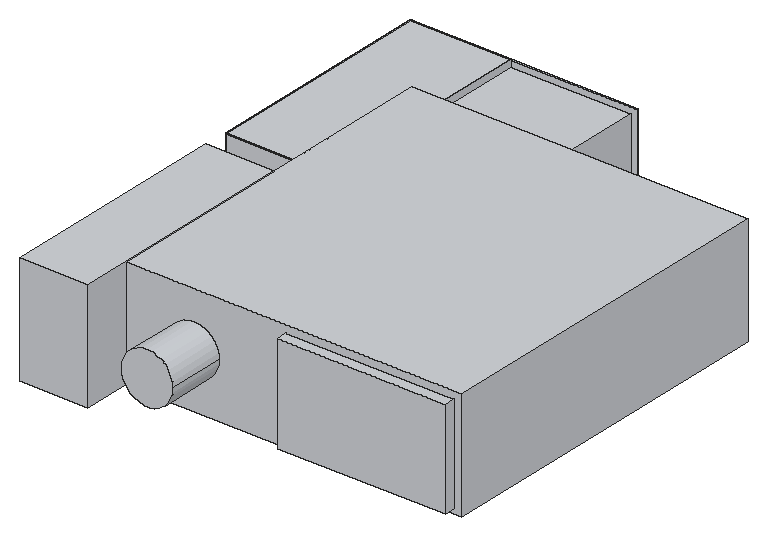
Revit family "QPLE", category Mechanical Equipment, Revit 2016
Family settings
  Part Type = Normal
  Round Connector Dimension = Use Radius
  Work Plane-Based = No
  Always vertical = Yes
  Cut with Voids When Loaded = No
  Shared = No
  Room Calculation Point = No
Parameters (values of type "QPLE - 5" Inlet (ERC)")
  Discharge Height "Y" = 9"
  Discharge Width "X" = 11 1/2"
  Width = 32"
  URL = "http://www.anemostat.com"
  Radius = Diameter / 2  # 2 7/16"
  Model = "QPLE"
  Manufacturer = "Anemostat"
  Length = 34"
  Induction Width "C" = 16"
  Height = 10 1/2"
  Duct Inlet Radius = Radius + 1/32"  # 2 15/32"
  Diameter = 4 7/8"
  Description = "Lo-Profile Parallel Fan Powered Air Terminal with Electric Reheat"
Types (5): name | Radius | Duct Inlet Radius | Diameter
  (no name) | 2 7/16" | 2 15/32" | 4 7/8"
  QPLE - 5" Inlet (ERC) | 2 7/16" | 2 15/32" | 4 7/8"
  QPLE - 6" Inlet (ERC) | 2 15/16" | 2 31/32" | 5 7/8"
  QPLE - 7" Inlet (ERC) | 3 7/16" | 3 15/32" | 6 7/8"
  QPLE - 8" Inlet (ERC) | 3 15/16" | 3 31/32" | 7 7/8"
Reference planes (in)
  plane 1 "Center (Front/Back)": y = 0
  plane 2: z = 0
  plane 3 "Center (Left/Right)": x = 0
  plane 4 "Right Face": x = 16
  plane 5 "Left Face": x = -16
  plane 6 "Back of Box": y = 34
  plane 7 "Horiz. Centerline": z = 5.25
  plane 8 "Top of Box": z = 10.5
  plane 9 "Induction Right Edge": x = 15.25
  plane 10 "Inlet Left Edge": x = -12
  plane 11: y = -5.5
  plane 12: x = -0.75
  plane 13: x = -9.5625
  plane 14: y = -4.5
  plane 15: y = 17.656
  plane 16 "Top of ERC Encl.": z = 10.378
  plane 17 "Bottom of ERC Encl.": z = 0.125
  plane 18 "Front End of ERC Encl.": y = 20
  plane 19 "Inside of ERC Encl.": x = -13
  plane 20: x = -1.5
  plane 21: x = -0.875
  plane 22: z = 9.753
  plane 23: z = 0.75
  plane 24 "Back of ERC": y = 42
  plane 25 "Outside ERC Encl.": x = -22.5
Forms (in)
  Extrusion 1, solid
    sketch origin (0, 0, 0) x (1, 0, 0) y (0, 0, 1)
      loop
        line (-16, 10.5) -> (-16, 0) -> (16, 0) -> (16, 10.5) -> (-16, 10.5)
    from 0 to -34
  Extrusion 2, solid
    sketch origin (0, 0, 0) x (1, 0, 0) y (0, 0, 1)
      loop
        line (15.25, 0.375) -> (15.25, 9.75) -> (-0.75, 9.75) -> (-0.75, 0.375) -> (15.25, 0.375)
    from 0 to 1
  Extrusion 3, solid
    sketch origin (0, 0, 0) x (1, 0, 0) y (0, 0, 1)
      loop
        circle (-9.5625, 5.25) r 2.4375
    from 0 to 5.5
  Extrusion 4, solid
    sketch origin (-16, 0, -3.5) x (0, -1, 0) y (0, 0, 1)
      loop
        line (4.5, 3.5) -> (4.5, 14) -> (-17.656, 14) -> (-17.656, 3.5) -> (4.5, 3.5)
    from 0 to 6.5
  Extrusion 5, solid
    sketch origin (0, 34, 0) x (-1, 0, 0) y (0, 0, 1)
      loop
        line (1.5, 9.753) -> (1.5, 0.75) -> (13, 0.75) -> (13, 9.753) -> (1.5, 9.753)
    from 0 to 8
  Extrusion 6, solid
    sketch origin (0, 42, 0) x (0, 0, 1) y (-1, 0, 0)
      loop
        line (10.378, 13) -> (9.753, 13) -> (9.753, 1.5) -> (0.75, 1.5) -> (0.75, 13) -> (0.125, 13) -> (0.125, 0.875) -> (10.378, 0.875) -> (10.378, 13)
    from 0 to 0.03125
  Extrusion 7, solid
    sketch origin (0, 0, 10.378) x (0, 1, 0) y (-1, 0, 0)
      loop
        line (20, 22.5) -> (20, 16) -> (34, 16) -> (34, 13) -> (41.96875, 13) -> (41.96875, 22.5) -> (20, 22.5)
    from 0 to -0.03125
  Extrusion 8, solid
    sketch origin (0, 0, 0.125) x (0, 1, 0) y (-1, 0, 0)
      loop
        line (34, 13) -> (41.96875, 13) -> (41.96875, 22.5) -> (20, 22.5) -> (20, 16) -> (34, 16) -> (34, 13)
    from 0 to 0.03125
  Extrusion 9, solid
    sketch origin (0, 42, 0) x (0, 0, 1) y (-1, 0, 0)
      loop
        line (10.378, 13) -> (10.378, 22.5) -> (0.125, 22.5) -> (0.125, 13) -> (10.378, 13)
    from 0 to 0.03125
  Extrusion 10, solid
    sketch origin (0, 20, 0) x (0, 0, 1) y (-1, 0, 0)
      loop
        line (10.378, 16) -> (10.378, 22.5) -> (0.125, 22.5) -> (0.125, 16) -> (10.378, 16)
    from 0 to -0.03125
  Extrusion 11, solid
    sketch origin (-22.5, 0, 0) x (0, 0, 1) y (0, 1, 0)
      loop
        line (10.378, 42) -> (0.125, 42) -> (0.125, 20) -> (10.378, 20) -> (10.378, 42)
    from 0 to 0.03125
  Extrusion 12, solid
    sketch origin (-13, 0, 0) x (0, 0, 1) y (0, 1, 0)
      loop
        line (10.378, 42) -> (0.125, 42) -> (0.125, 34) -> (10.378, 34) -> (10.378, 42)
    from 0 to -0.03125
Dimensions and locks (in)
  "Width": plane 5 "Left Face" to plane 4 "Right Face"
  "Height": plane 8 "Top of Box" to level
  equal spacing: plane 8 "Top of Box", plane 7 "Horiz. Centerline", level
  equal spacing: plane 5 "Left Face", plane 3 "Center (Left/Right)", plane 4 "Right Face"
  locked: plane 5 "Left Face" to plane 10 "Inlet Left Edge" at 4
  "Length": plane 1 "Center (Front/Back)" to plane 6 "Back of Box"
  "Induction Width "C"": plane 9 "Induction Right Edge" to plane 12
  "Radius": plane 13 to plane 10 "Inlet Left Edge"
  locked: plane 1 "Center (Front/Back)" to plane 14 at 4.5
  locked: plane 15 to plane 14 at 22.156
  "Radius": radius of Extrusion 3 sketch curve
  aligned and locked: plane 6 "Back of Box" to Extrusion 1
  aligned and locked: plane 14 to Extrusion 4 sketch curve
  aligned and locked: plane 15 to Extrusion 4 sketch curve
Automatic sketch dimensions
  Extrusion 1 sketch curve to level = 0"
  plane 5 "Left Face" to Extrusion 1 sketch curve = 0"
  Extrusion 1 sketch curve to plane 4 "Right Face" = 0"
  plane 8 "Top of Box" to Extrusion 1 sketch curve = 0"
  Extrusion 2 sketch curve to plane 12 = 0"
  Extrusion 2 sketch curve to plane 9 "Induction Right Edge" = 0"
  Extrusion 3 sketch curve to plane 7 "Horiz. Centerline" = 0"
  Extrusion 3 sketch curve to plane 13 = 0"
  Extrusion 4 sketch curve to plane 7 "Horiz. Centerline" = 5 1/4"
  Extrusion 2 sketch curve to plane 8 "Top of Box" = 3/4"
  level to Extrusion 2 sketch curve = 3/8"
  Extrusion 4 sketch curve to plane 8 "Top of Box" = 0"
  plane 20 to Extrusion 5 sketch curve = 0"
  plane 19 "Inside of ERC Encl." to Extrusion 5 sketch curve = 0"
  Extrusion 5 sketch curve to plane 23 = 0"
  Extrusion 5 sketch curve to plane 22 = 0"
  Extrusion 6 sketch curve to plane 17 "Bottom of ERC Encl." = 0"
  plane 20 to Extrusion 6 sketch curve = 0"
  Extrusion 6 sketch curve to plane 23 = 0"
  Extrusion 6 sketch curve to plane 22 = 0"
  Extrusion 6 sketch curve to plane 16 "Top of ERC Encl." = 0"
  plane 21 to Extrusion 6 sketch curve = 0"
  plane 19 "Inside of ERC Encl." to Extrusion 6 sketch curve = 0"  (x2)
  Extrusion 7 sketch curve to plane 15 = 2.344"
  Extrusion 7 sketch curve to plane 6 "Back of Box" = 0"
  Extrusion 7 sketch curve to plane 19 "Inside of ERC Encl." = 0"
  Extrusion 7 sketch curve to plane 5 "Left Face" = 0"
  plane 24 "Back of ERC" to Extrusion 7 sketch curve = 1/32"
  Extrusion 7 sketch curve to Extrusion 7 sketch curve = 6 1/2"
  Extrusion 8 sketch curve to plane 15 = 2.344"
  Extrusion 8 sketch curve to plane 5 "Left Face" = 0"
  Extrusion 8 sketch curve to plane 6 "Back of Box" = 0"
  Extrusion 8 sketch curve to plane 19 "Inside of ERC Encl." = 0"
  plane 24 "Back of ERC" to Extrusion 8 sketch curve = 1/32"
  plane 5 "Left Face" to Extrusion 8 sketch curve = 6 1/2"
  Extrusion 9 sketch curve to plane 17 "Bottom of ERC Encl." = 0"
  Extrusion 9 sketch curve to plane 16 "Top of ERC Encl." = 0"
  plane 19 "Inside of ERC Encl." to Extrusion 9 sketch curve = 0"
  plane 5 "Left Face" to Extrusion 9 sketch curve = 6 1/2"
  plane 5 "Left Face" to Extrusion 10 sketch curve = 0"
  Extrusion 10 sketch curve to plane 17 "Bottom of ERC Encl." = 0"
  Extrusion 10 sketch curve to plane 16 "Top of ERC Encl." = 0"
  plane 5 "Left Face" to Extrusion 10 sketch curve = 6 1/2"
  Extrusion 11 sketch curve to plane 17 "Bottom of ERC Encl." = 0"
  Extrusion 11 sketch curve to plane 16 "Top of ERC Encl." = 0"
  Extrusion 11 sketch curve to plane 18 "Front End of ERC Encl." = 0"
  Extrusion 11 sketch curve to plane 24 "Back of ERC" = 0"
  Extrusion 12 sketch curve to plane 17 "Bottom of ERC Encl." = 0"
  Extrusion 12 sketch curve to plane 16 "Top of ERC Encl." = 0"
  Extrusion 12 sketch curve to plane 6 "Back of Box" = 0"
  Extrusion 12 sketch curve to plane 24 "Back of ERC" = 0"
Connectors (in)
  hvac at (-9.5625, -5.5, 5.25), driven by "Duct Inlet Radius"
    settings: on Extrusion 3, index 1, duct flow 0 CFM, flow factor 0, pres drop 0.00 in-wg, loss coef 0, conn angle 0.00°, conn width 12", conn height 12", conn diameter 4 15/16", duct sys type 1, conn prof type 0, flow config 0, flow direction 0, loss method 0, conn ref index -1, conn util no, is conn primary yes, conn desc ""
  hvac at (-7.25, 42, 5.2515), driven by "Discharge Height "Y"", driven by "Discharge Width "X""
    settings: on Extrusion 5, index 2, duct flow 0 CFM, flow factor 0, pres drop 0.00 in-wg, loss coef 0, conn angle 0.00°, conn width 11 1/2", conn height 9", conn diameter 24", duct sys type 1, conn prof type 1, flow config 0, flow direction 0, loss method 0, conn ref index -1, conn util no, is conn primary no, conn desc ""
